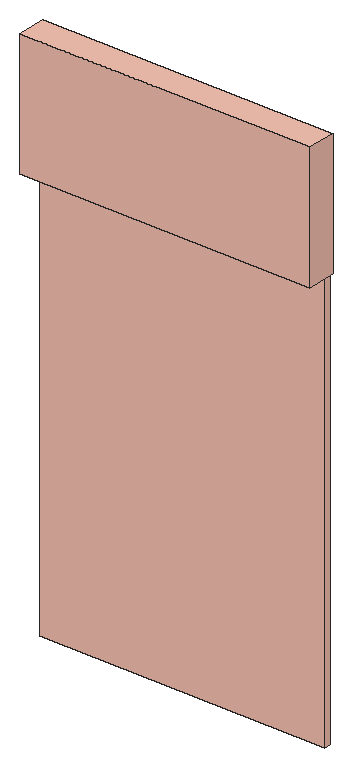
Revit family "EXP_WT-2_CPan-015", category Curtain Panels, Revit 2021
Family settings
  OmniClass Number = 23.25.20.14.11.11.17
  OmniClass Title = Infill Panels
  Always vertical = Yes
  Cut with Voids When Loaded = No
  Shared = No
Parameters (values of type "H2 = 13'")
  UI-UnitNumber [instance] = "001"
  UI-Quadrant [instance] = "SE"
  UI-ProjectAbbreviation = "NEU"
  UI-ItemCategory = "PID"
  UI-FloorNumber [instance] = "03"
  PNT-WallType = "WT2"
  PNT-ProjectAbbreviation = "NEU"
  PNT-PanelType [instance] = "01"
  PNT-ItemCategory = "PNL"
  GlassSPH2(x2) [instance] = 0' - 2 3/16"
  GlassH2 [instance] = IG-2F(Glass)
  GlassH1 [instance] = IG-2F(Glass)
  Define Thermal Properties by = Schematic Type
  CellSp = 0' - 10 3/16"
  CellL [instance] = 8' - 10"
  CellH2 = 13' - 0"
  CellH1 [instance] = CellH - CellH2  # 3' - 10"
  CellH [instance] = 16' - 10"
  Analytic Construction = "<None>"
Types (5): name | CellH2 | CellH1
  H2 = 13' | 13' - 0" | 3' - 10"
  H2 = 12' 8 3/4" | 12' - 8 3/4" | 4' - 1 1/4"
  H2 = 9' 11 1/2" | 9' - 11 1/2" | 6' - 10 1/2"
  H2 = 7' 8 3/4" | 7' - 8 3/4" | 9' - 1 1/4"
  H2 = 8' 0" | 8' - 0" | 8' - 10"
Reference planes (in)
  plane 1 "Center (Front/Back)": y = 0
  plane 2: z = 0
  plane 3 "Center (Left/Right)": x = 0
  plane 4 "Left": x = -53
  plane 5 "Right": x = 53
  plane 6 "Top": z = 202
  plane 7: z = 156
  plane 8: y = -10.1875
Forms (in)
  Extrusion 1, solid, material "IG-2F(Glass)" <- "GlassH2", detail levels coarse+medium
    sketch origin (0, 0, 0) x (0, 1, 0) y (0, 0, 1)
      loop
        line (-10.1875, 156) -> (-10.1875, 0) -> (0, 0) -> (0, 156) -> (-10.1875, 156)
    from -53 to 53
  Extrusion 2, solid, material "IG-2F(Glass)" <- "GlassH1"
    sketch origin (0, 0, 0) x (0, 1, 0) y (0, 0, 1)
      loop
        line (-10.1875, 202) -> (-10.1875, 156) -> (0, 156) -> (0, 202) -> (-10.1875, 202)
    from -53 to 53
Text (in)
  text "Exterior" at (-92.59733, 55.75508, 0), in view "Ref. Level"
  text "Exterior" at (0, 90.18664, 173.49264), in view "Left"
  text "Exterior" at (0, 52.29083, 162.21847), in view "Right"
Dimensions and locks (in)
  equal spacing: plane 4 "Left", plane 3 "Center (Left/Right)", plane 5 "Right"  (x2)
  "CellH2": plane 2 to plane 7
  "CellH1": plane 7 to plane 6 "Top"
  Extrusion 2 sketch curve to Extrusion 2 sketch curve = 0' - 10 3/16"
  "CellL": plane 4 "Left" to plane 5 "Right"
  "CellH": plane 2 to plane 6 "Top"
  "CellSp": plane 8 to plane 1 "Center (Front/Back)"
  aligned and locked: level to plane 2
  aligned and locked: Extrusion 1 sketch curve to plane 7
  aligned and locked: plane 8 to Extrusion 1 sketch curve
  aligned and locked: level to Extrusion 1 sketch curve
  aligned and locked: plane 1 "Center (Front/Back)" to Extrusion 1 sketch curve
  aligned and locked: plane 4 "Left" to Extrusion 1
  aligned and locked: Extrusion 1 to plane 5 "Right"
  aligned and locked: plane 6 "Top" to Extrusion 2 sketch curve
  aligned and locked: plane 8 to Extrusion 2 sketch curve
  aligned and locked: Extrusion 2 to plane 5 "Right"
  aligned and locked: plane 4 "Left" to Extrusion 2
  aligned and locked: Extrusion 2 to plane 1 "Center (Front/Back)"
  aligned and locked: plane 1 "Center (Front/Back)" to nested 1
  aligned and locked: plane 5 "Right" to nested 1
  aligned and locked: plane 4 "Left" to nested 1
  aligned and locked: plane 1 "Center (Front/Back)" to nested 2
  aligned and locked: plane 7 to nested 2
  aligned and locked: plane 2 to nested 2
  aligned and locked: plane 5 "Right" to nested 2
  aligned and locked: plane 4 "Left" to nested 2
Automatic sketch dimensions
  Extrusion 2 sketch curve to plane 7 = 0' - 0"
Nested families (in)
  nested 1: "EXP_xx_DetO-002" at (0, 0, 0), CellH <- "CellH", CellL <- "CellL", type "EXP_xx_DetO-002", detail levels coarse
    with CellL 8' - 10", CellH 16' - 10"
  nested 2: "EXP_WT-1x_IG-001" at (0, 0, 78), MaterialGlass <- "GlassH2", GlassSP <- "GlassSPH2(x2)", type "GlassSP = H2(x2)", detail levels fine
    with MaterialGlass IG-2F(Glass), GlassSP 0' - 2 3/16", GlassL 8' - 8.12598", GlassH 12' - 10.06299", CellL 8' - 10", CellH 13' - 0"
Definition of nested family "EXP_WT-1x_IG-001"
  Parameters (values of type "H2 _ GlassSP = 1 1/4"")
    MaterialGlass [instance] = none
    GlassSP [instance] = 0' - 1 1/4"
    GlassL [instance] = CellL - (GlassD1 + GlassD3)  # 3' - 10.94439"
    GlassH [instance] = CellH - (GlassD2 + GlassD4)  # 6' - 6.64788"
    GlassD4 = 0' - 1.43701"
    GlassD3 = 0' - 0.93701"
    GlassD2 = 0' - 0 1/2"
    GlassD1 = 0' - 0 15/16"
    GMPI-ProjectAbbreviation = "NEU"
    GMPI-IteamCategory = "GLS"
    Default Elevation = 0' - 0"
    CellL [instance] = 4' - 0.8189"
    CellH [instance] = 6' - 8.58489"
  Types (12): name | GlassSP | GlassL | GlassH | GlassD4 | GlassD2 | GlassD1
    H2(x2) _ GlassSP = 2 1/8" | 0' - 2.12598" | 3' - 10.94488" | 6' - 6.64788" | 0' - 1.43701" | 0' - 0 1/2" | 0' - 0.93701"
    H1 _ GlassSP = 1 1/4" | 0' - 1 1/4" | 3' - 10.94439" | 6' - 6.89739" | 0' - 0 1/4" | 0' - 1 7/16" | 0' - 0 15/16"
    H2(x3) _ GlassSP = 2 1/8" | 0' - 2.12598" | 3' - 10.94488" | 6' - 7.83489" | 0' - 0 1/4" | 0' - 0 1/2" | 0' - 0.93701"
    H3 _ GlassSP = 1 1/4" | 0' - 1 1/4" | 3' - 10.94439" | 6' - 6.64788" | 0' - 1.43701" | 0' - 0 1/2" | 0' - 0 15/16"
    H _ GlassSP = 2 1/8" | 0' - 2.12598" | 3' - 10.94488" | 6' - 5.71088" | 0' - 1.43701" | 0' - 1.43701" | 0' - 0.93701"
    H _ GlassSP = 1 1/4" | 0' - 1 1/4" | 3' - 10.94439" | 6' - 5.71088" | 0' - 1.43701" | 0' - 1.43701" | 0' - 0 15/16"
    H2 _ GlassSP = 1 1/4" | 0' - 1 1/4" | 3' - 10.94439" | 6' - 6.64788" | 0' - 1.43701" | 0' - 0 1/2" | 0' - 0 15/16"
    GlassSP = H | 0' - 1 1/4" | 3' - 10.94439" | 6' - 5.71088" | 0' - 1.43701" | 0' - 1.43701" | 0' - 0 15/16"
    GlassSP = H3 | 0' - 1 1/4" | 3' - 10.94439" | 6' - 6.64788" | 0' - 1.43701" | 0' - 0 1/2" | 0' - 0 15/16"
    GlassSP = H2(x3) | 0' - 2.12598" | 3' - 10.94488" | 6' - 7.83489" | 0' - 0 1/4" | 0' - 0 1/2" | 0' - 0.93701"
    GlassSP = H2(x2) | 0' - 2.12598" | 3' - 10.94488" | 6' - 6.64788" | 0' - 1.43701" | 0' - 0 1/2" | 0' - 0.93701"
    GlassSP = H1 | 0' - 1 1/4" | 3' - 10.94439" | 6' - 6.89739" | 0' - 0 1/4" | 0' - 1 7/16" | 0' - 0 15/16"
  Reference planes (in)
    plane 1 "Center (Front/Back)": y = 0
    plane 2: z = 0
    plane 3 "Center (Left/Right)": x = 0
    plane 4: x = -24.40945
    plane 5: x = 24.40945
    plane 6: z = 40.29245
    plane 7: x = -23.47195
    plane 8: x = 23.47244
    plane 9: z = -40.29245
    plane 10: z = 39.79245
    plane 11: z = -38.85544
  Forms (in)
    Extrusion 1, solid, material <- "MaterialGlass"
      sketch origin (0, 0, 0) x (1, 0, 0) y (0, 0, 1)
        loop
          line (-23.47195, -38.85544) -> (23.47244, -38.85544) -> (23.47244, 39.79245) -> (-23.47195, 39.79245) -> (-23.47195, -38.85544)
      from 0 to 1.25 <- "GlassSP"
  Dimensions and locks (in)
    equal spacing: plane 6, level, plane 9
    "CellH": plane 6 to plane 9
    "GlassD2": plane 6 to plane 10
    "GlassD4": plane 11 to plane 9
    equal spacing: plane 4, plane 3 "Center (Left/Right)", plane 5
    "CellL": plane 4 to plane 5
    "GlassD1": plane 4 to plane 7
    "GlassD3": plane 5 to plane 8
    aligned and locked: level to plane 2
    aligned and locked: Extrusion 1 sketch curve to plane 11
    aligned and locked: Extrusion 1 sketch curve to plane 7
    aligned and locked: plane 10 to Extrusion 1 sketch curve
    aligned and locked: plane 8 to Extrusion 1 sketch curve
Definition of nested family "EXP_xx_DetO-002"
  Parameters (values of type "EXP_xx_DetO-002")
    Default Elevation = 0' - 0"
    CellL [instance] = 5' - 4.56693"
    CellH [instance] = 5' - 2.99213"
  Reference planes (in)
    plane 1 "Center (Front/Back)": y = 0
    plane 2: z = 0
    plane 3 "Center (Left/Right)": x = 0
    plane 4: x = -32.28346
    plane 5: x = 32.28346
    plane 6: z = 62.99213
  Lines and regions (in)
    model lines
      curve 1: line (-32.28346, 0, 62.99213) -> (32.28346, 0, 0)
      curve 2: line (32.28346, 0, 62.99213) -> (-32.28346, 0, 0)
  Dimensions and locks (in)
    "CellH": plane 6 to level
    equal spacing: plane 4, plane 3 "Center (Left/Right)", plane 5
    "CellL": plane 4 to plane 5
    aligned and locked: level to plane 2
  Automatic sketch dimensions
    curve 2 to level = 0' - 0"
    plane 4 to curve 2 = 0' - 0"
    plane 4 to curve 1 = 0' - 0"
    plane 5 to curve 2 = 0' - 0"
    curve 1 to level = 0' - 0"
    plane 5 to curve 1 = 0' - 0"
    curve 2 to plane 6 = 0' - 0"
    curve 1 to plane 6 = 0' - 0"
